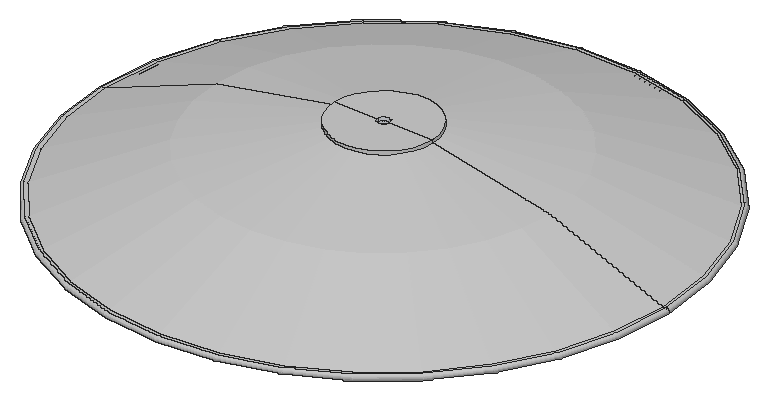
Revit family "JI24 SHADE", category Lighting Fixtures, Revit 2024
Family settings
  Round Connector Dimension = Use Diameter
  Part Type = Normal
  OmniClass Number = 23.80.70.00
  OmniClass Title = Lighting
  Work Plane-Based = No
  Always vertical = Yes
  Cut with Voids When Loaded = No
  Light Source = Yes
  Maintain Annotation Orientation = No
  Shared = No
  Room Calculation Point = No
Parameters
  Wattage = 12.1178 W
  built-in parameter 1150110 = 1 (stored number, unit not read)
  built-in parameter 1114217 = 1 (stored number, unit not read)
  built-in parameter 1150109 = 1 (stored number, unit not read)
  built-in parameter 1150134 = (empty or 0)
  built-in parameter 1150113 = 1 (stored number, unit not read)
  Lumens = 1800 lm
  built-in parameter 1150115 = 1 (stored number, unit not read)
  built-in parameter 1150105 = 572.96 (stored number, unit not read)
  Light Source Symbol Size = 2' - 0"
  built-in parameter 1150137 = (empty or 0)
  built-in parameter 1150139 = (empty or 0)
  built-in parameter 1150112 = 1 (stored number, unit not read)
  built-in parameter 1150114 = 1 (stored number, unit not read)
  built-in parameter 1150132 = 2
  built-in parameter 1150102 = (empty or 0)
  built-in parameter 1150138 = (empty or 0)
  built-in parameter 1150107 = 3000 (stored number, unit not read)
  built-in parameter 1150106 = 5.7296 (stored number, unit not read)
  built-in parameter 1150104 = 13.8 (stored number, unit not read)
  Dimming Lamp Color Temperature Shift = (empty or 0)
  Default Elevation = 0' - 0"
  Color Filter = 16777215
  built-in parameter 1114218 = 1 (stored number, unit not read)
  built-in parameter 1150133 = 10 (stored number, unit not read)
Reference planes (in)
  plane 1 "Light Source Axis (F/B)": y = 0
  plane 2: z = 0
  plane 3 "Light Source Axis (L/R)": x = 0
  plane 4 "Light Source Elevation": z = 84
Forms (in)
  Revolve 1, solid
    sketch origin (0, 0, 0) x (1, 0, 0) y (0, 0, 1)
      loop
        arc (-2.04467, 87) -> (-7.02142, 86.05473) -> (-11.75095, 84.24) r 28.38875
        line (-11.75095, 84.24) -> (-11.88, 84.24)
        arc (-11.88, 84.24) -> (-12, 84.12) -> (-11.88, 84) r 0.12
        line (-11.88, 84) -> (-11.70969, 84.15582)
        arc (-11.70969, 84.15582) -> (-6.998, 85.96393) -> (-2.04005, 86.90625) r 28.295
        line (-2.04005, 86.90625) -> (-0.25, 86.90625) -> (-0.25, 87) -> (-0.25, 87.125) -> (-2.04467, 87.125) -> (-2.04467, 87)
      axis (0, 87.125) -> (0, 84)
    angle from 0 to 360
Dimensions and locks (in)
  plane 4 "Light Source Elevation" to plane 2 = 7' - 0"
  aligned and locked: plane 3 "Light Source Axis (L/R)" to imposter light
  aligned and locked: plane 1 "Light Source Axis (F/B)" to imposter light
  aligned and locked: plane 4 "Light Source Elevation" to imposter light
  aligned and locked: level to plane 2
